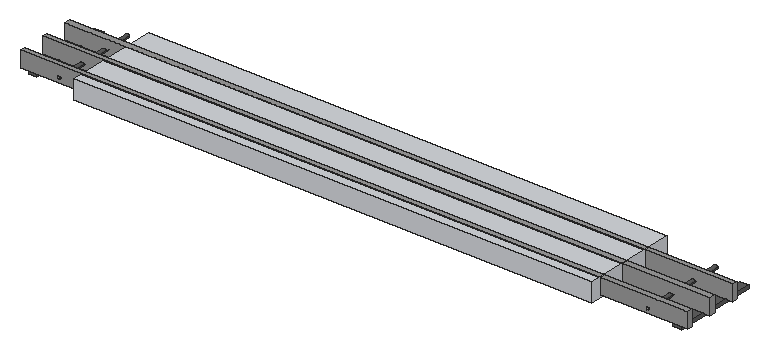
Revit family "1213-3, Solid", category Generic Models, host Face, Revit 2020
Family settings
  Host = Face
  Can host rebar = No
  Round Connector Dimension = Use Diameter
  Part Type = Normal
  Cut with Voids When Loaded = No
  Shared = No
  Room Calculation Point = No
Parameters
  min_value [instance] = 1' - 11 1/4"  # constant formula
  max_value [instance] = 11' - 11 1/4"  # constant formula
  actual_value [instance] = if(NET LENGTH < min_value, min_value, if(NET LENGTH > max_value, max_value, NET LENGTH))  # 7' - 11 1/4"
  NET LENGTH [instance] = 7' - 11 1/4"
  IMPORTANT NOTE!!!                                                                             *Backer & dowel layout is for visualization purposes only, final layout to be determined by 9Wood. [instance] = ""
  Default Elevation = 4' - 0"
  DOWEL RADIUS [instance] = 0' - 0 1/4"  # constant formula
  BACKING M MATERIAL [instance] = BLACK-BACKERS
  .. MEMBER WIDTH [instance] = 0' - 0 3/4"  # constant formula
  .. MEMBER MATERIAL [instance] = Solid Western Hemlock
  .. MEMBER DEPTH [instance] = 0' - 2 1/4"  # constant formula
  .. MEMBER COUNT [instance] = 3  # constant formula
Reference planes (in)
  plane 1 "Center (Front/Back)": y = 0
  plane 2: z = 2.726
  plane 3 "Center (Left/Right)": x = 0
Forms (in)
  Extrusion 1, solid
    sketch origin (15, -0.86619, -0.99308) x (0, 1, 0) y (-1, 0, 0)
      loop
        line (3.42869, -23.66817) -> (3.42869, 50.25) -> (-10, 50.25) -> (-10, -23.66817) -> (3.42869, -23.66817)
    from 3.71908 to 1.00111
Dimensions and locks (in)
  aligned and locked: plane 2 to Extrusion 1
Nested families (in)
  nested 1: "1200 Series" at (-44, -2, 1.87867), NET LENGTH <- "actual_value", DOWEL RADII <- "DOWEL RADIUS", .. MEMBER WIDTH <- ".. MEMBER WIDTH", .. MEMBER DEPTH <- ".. MEMBER DEPTH", .. MEMBER MATERIAL <- ".. MEMBER MATERIAL", BACKING M MATERIAL <- "BACKING M MATERIAL", .. MEMBER COUNT <- ".. MEMBER COUNT", type "1200 Series"
    with X 7' - 4", WIDTH 1' - 0 1/16", Space 0' - 0 11/16", START 0' - 0 3/8", SCRIM MATERIAL SCRIM, SCRIM 3 8' - 1", SCRIM 2 0' - 0 7/8", SCRIM 1 0' - 0 3/32", SCRIM yes, NET LENGTH 7' - 11 1/4", N 8, INSET 3 0' - 0 3/16", INSET 0' - 1", INDEX 0' - 5 5/8", END BACKER yes, DOWEL RADII 0' - 0 1/4", DOWEL COUNT 8, BACKING M WIDTH 0' - 1 1/4", BACKING M MATERIAL BLACK-BACKERS, BACKING M LENGTH 0' - 11 7/8", BACKING M DEPTH 0' - 0 1/2", .. MEMBER WIDTH 0' - 0 3/4", .. MEMBER OC TYP 0' - 4", .. MEMBER MATERIAL Solid Western Hemlock, .. MEMBER DEPTH 0' - 2 1/4", .. MEMBER COUNT 3
Definition of nested family "1200 Series"
  Parameters (values of type "1200 Series")
    X [instance] = NET LENGTH - (0' 3 5/8" * 2)  # 6' - 2"
    WIDTH [instance] = 1' - 0 1/16"
    Space [instance] = 0' - 0 11/16"  # constant formula
    START [instance] = .. MEMBER WIDTH / 2  # 0' - 0 3/8"
    SCRIM MATERIAL [instance] = none
    SCRIM 3 [instance] = NET LENGTH + (SCRIM 2 * 2)  # 6' - 11"
    SCRIM 2 [instance] = 0' - 0 7/8"
    SCRIM 1 [instance] = 0' - 0 3/32"
    SCRIM [instance] = yes
    NET LENGTH [instance] = 6' - 9 1/4"
    N [instance] = if((X - (rounddown(X / 1' 0") * 1' 0")) > 1' 0", rounddown(X / 1' 0") + 2, rounddown(X / 1' 0") + 1)  # 7
    INSET 3 [instance] = 0' - 0 3/16"
    INSET [instance] = 0' - 1"
    INDEX [instance] = (NET LENGTH - ((N - 1) * 1' 0")) / 2  # 0' - 4 5/8"
    END BACKER [instance] = yes
    Default Elevation = 0' - 0"
    DOWEL RADII [instance] = 0' - 0 1/4"
    DOWEL COUNT [instance] = N  # 7
    BACKING M WIDTH [instance] = 0' - 1 1/4"
    BACKING M MATERIAL [instance] = none
    BACKING M LENGTH [instance] = 0' - 11 7/8"
    BACKING M DEPTH [instance] = 0' - 0 1/2"
    .. MEMBER WIDTH [instance] = 0' - 0 3/4"
    .. MEMBER OC TYP [instance] = 1' 0" / .. MEMBER COUNT  # 0' - 3"
    .. MEMBER MATERIAL [instance] = none
    .. MEMBER DEPTH [instance] = 0' - 1 3/8"
    .. MEMBER COUNT [instance] = 4
  Reference planes (in)
    plane 1 "Center (Front/Back)": y = -7.5
    plane 2: z = 0
    plane 3 "Center (Left/Right)": x = 0
    plane 4: x = 1
    plane 5: x = 4.625
    plane 6: x = 81.25
    plane 7: x = 80.25
    plane 8: x = 16.625
    plane 9: y = -7.3125
    plane 10: y = -4.125
    plane 11: y = -7.125
    plane 12: y = 4.5625
    plane 13: y = -4.5
    plane 14: y = -7.59375
    plane 15: x = 82.125
    plane 16: y = 4.65625
    plane 17: x = -0.875
    plane 18: z = -1.375
    plane 19: z = -0.6875
  Lines and regions (in)
    model lines
      curve 1: line (4.375, -7.5, -0.6875) -> (4.875, -7.5, -0.6875)
    model lines, not visible
      curve 2: line (4.625, -7.5, -0.9375) -> (4.625, -7.5, -0.4375)
      curve 3: line (4.375, -7.5, -0.6875) -> (4.875, -7.5, -0.6875)
      curve 4: line (16.625, -7.5, -0.9375) -> (16.625, -7.5, -0.4375)
      curve 5: line (16.375, -7.5, -0.6875) -> (16.875, -7.5, -0.6875)
      curve 6: line (28.625, -7.5, -0.9375) -> (28.625, -7.5, -0.4375)
      curve 7: line (28.375, -7.5, -0.6875) -> (28.875, -7.5, -0.6875)
      curve 8: line (40.625, -7.5, -0.9375) -> (40.625, -7.5, -0.4375)
      curve 9: line (40.375, -7.5, -0.6875) -> (40.875, -7.5, -0.6875)
      curve 10: line (52.625, -7.5, -0.9375) -> (52.625, -7.5, -0.4375)
      curve 11: line (52.375, -7.5, -0.6875) -> (52.875, -7.5, -0.6875)
      curve 12: line (64.625, -7.5, -0.9375) -> (64.625, -7.5, -0.4375)
      curve 13: line (64.375, -7.5, -0.6875) -> (64.875, -7.5, -0.6875)
      curve 14: line (76.625, -7.5, -0.9375) -> (76.625, -7.5, -0.4375)
      curve 15: line (76.375, -7.5, -0.6875) -> (76.875, -7.5, -0.6875)
  Dimensions and locks (in)
    "NET LENGTH": plane 3 "Center (Left/Right)" to plane 6
    "INSET": plane 7 to plane 6
    "INDEX": plane 3 "Center (Left/Right)" to plane 5
    plane 5 to plane 8 = 1' - 0"
    "INSET 3": plane 1 "Center (Front/Back)" to plane 9
    equal spacing: group 1, group 2, group 3, group 4  (x3)
    "START": plane 11 to plane 1 "Center (Front/Back)"
    ".. MEMBER OC TYP": plane 10 to plane 11
    "WIDTH": plane 12 to plane 1 "Center (Front/Back)"
    "START": plane 10 to plane 13
    "SCRIM 1": plane 14 to plane 1 "Center (Front/Back)"
    "SCRIM 2": plane 6 to plane 15
    "SCRIM 1": plane 12 to plane 16
    "SCRIM 2": plane 17 to plane 3 "Center (Left/Right)"
    "INSET": plane 3 "Center (Left/Right)" to plane 4
    equal spacing: group 5, group 6, group 7, group 8, group 9, group 10, group 11  (x3)
    "Space": plane 19 to plane 18
    aligned and locked: level to plane 2
    aligned and locked: nested 1 to plane 4  (x2)
    aligned and locked: plane 7 to nested 2
    aligned and locked: plane 5 to nested 3
    aligned and locked: nested 1 to plane 9
    aligned and locked: plane 1 "Center (Front/Back)" to nested 4
    aligned and locked: plane 9 to nested 2
    aligned and locked: plane 13 to nested 5
    aligned and locked: nested 3 to plane 9
    aligned and locked: plane 18 to nested 1
    aligned and locked: plane 19 to nested 3
    aligned and locked: curve 1 to plane 19
    aligned and locked: plane 8 to curve 4
    aligned and locked: curve 5 to plane 19
    aligned and locked: nested 4 to plane 18
  Automatic sketch dimensions
    curve 1 to curve 1 = 0' - 0 1/2"
    curve 1 to plane 5 = 0' - 0 1/4"
    plane 5 to curve 1 = 0' - 0 1/4"
    curve 3 to curve 2 = 0' - 0 1/4"  (x2)
    curve 2 to curve 3 = 0' - 0 1/4"  (x2)
    curve 5 to curve 4 = 0' - 0 1/4"  (x2)
    curve 4 to curve 5 = 0' - 0 1/4"  (x2)
    curve 7 to curve 6 = 0' - 0 1/4"  (x2)
    curve 6 to curve 7 = 0' - 0 1/4"  (x2)
    curve 9 to curve 8 = 0' - 0 1/4"  (x2)
    curve 8 to curve 9 = 0' - 0 1/4"  (x2)
    curve 11 to curve 10 = 0' - 0 1/4"  (x2)
    curve 10 to curve 11 = 0' - 0 1/4"  (x2)
    curve 13 to curve 12 = 0' - 0 1/4"  (x2)
    curve 12 to curve 13 = 0' - 0 1/4"  (x2)
    curve 15 to curve 14 = 0' - 0 1/4"  (x2)
    curve 14 to curve 15 = 0' - 0 1/4"  (x2)
  Nested families (in)
    nested 1: "INSTANCE - 2ND -  EXTEND SIDE H CENTER W - Parametric Cube" at (1, -1.375, -1.375) x (0, -1, 0) z (0, 0, 1), Width <- "BACKING M LENGTH", Length <- "BACKING M WIDTH", Material <- "BACKING M MATERIAL", Height <- "BACKING M DEPTH", visible <- "END BACKER", type "INSTANCE - 2ND -  EXTEND SIDE H CENTER W - Parametric Cube"
      with Width 0' - 11 7/8", Material none, Length 0' - 1 1/4", Height 0' - 0 1/2"
    nested 2: "INSTANCE - 2ND -  EXTEND SIDE H CENTER W - Parametric Cube" at (80.25, -1.375, -1.375) x (0, -1, 0) z (0, 0, 1), Width <- "BACKING M LENGTH", Length <- "BACKING M WIDTH", Material <- "BACKING M MATERIAL", Height <- "BACKING M DEPTH", visible <- "END BACKER", type "INSTANCE - 2ND -  EXTEND SIDE H CENTER W - Parametric Cube"
      with Width 0' - 11 7/8", Material none, Length 0' - 1 1/4", Height 0' - 0 1/2"
    nested 3: "Family3" at (-5.375, -7.3125, -0.6875), DOWEL RADII <- "DOWEL RADII", BACKING MEM MATERIAL <- "BACKING M MATERIAL", type "Family3"
      with DOWEL RADII 0' - 0 1/4", DOWEL LENGTH 0' - 11 7/8", BACKING MEM MATERIAL none
    nested 4: "HOLED MEMBER" at (0, -18.75, 6.19404), DOWEL RADII <- "DOWEL RADII", .. MEMBER LENGTH <- "NET LENGTH", DOWEL COUNT <- "DOWEL COUNT", DEPTH <- ".. MEMBER DEPTH", .. MEMBER WIDTH <- ".. MEMBER WIDTH", Material <- ".. MEMBER MATERIAL", DOWEL INDEX <- "INDEX", Space 2 <- "Space", type "HOLED MEMBER"
      with Width 0' - 6", Space 2 0' - 0 11/16", Material none, Length 1' - 0", Height 0' - 10.43096", DOWEL RADII 0' - 0 1/4", DOWEL OC DIST 1' - 0", DOWEL INDEX 0' - 4 5/8", DOWEL COUNT 7, DEPTH 0' - 1 3/8", .. MEMBER WIDTH 0' - 0 3/4", .. MEMBER LENGTH 6' - 9 1/4"
    nested 5: "HOLED MEMBER" at (0, -15.75, 6.19404), DOWEL RADII <- "DOWEL RADII", .. MEMBER LENGTH <- "NET LENGTH", DOWEL COUNT <- "DOWEL COUNT", DEPTH <- ".. MEMBER DEPTH", .. MEMBER WIDTH <- ".. MEMBER WIDTH", Material <- ".. MEMBER MATERIAL", DOWEL INDEX <- "INDEX", Space 2 <- "Space", type "HOLED MEMBER"
      with Width 0' - 6", Space 2 0' - 0 11/16", Material none, Length 1' - 0", Height 0' - 10.43096", DOWEL RADII 0' - 0 1/4", DOWEL OC DIST 1' - 0", DOWEL INDEX 0' - 4 5/8", DOWEL COUNT 7, DEPTH 0' - 1 3/8", .. MEMBER WIDTH 0' - 0 3/4", .. MEMBER LENGTH 6' - 9 1/4"
    nested 6: "HOLED MEMBER" at (0, -12.75, 6.19404), DOWEL RADII <- "DOWEL RADII", .. MEMBER LENGTH <- "NET LENGTH", DOWEL COUNT <- "DOWEL COUNT", DEPTH <- ".. MEMBER DEPTH", .. MEMBER WIDTH <- ".. MEMBER WIDTH", Material <- ".. MEMBER MATERIAL", DOWEL INDEX <- "INDEX", Space 2 <- "Space", type "HOLED MEMBER"
      with Width 0' - 6", Space 2 0' - 0 11/16", Material none, Length 1' - 0", Height 0' - 10.43096", DOWEL RADII 0' - 0 1/4", DOWEL OC DIST 1' - 0", DOWEL INDEX 0' - 4 5/8", DOWEL COUNT 7, DEPTH 0' - 1 3/8", .. MEMBER WIDTH 0' - 0 3/4", .. MEMBER LENGTH 6' - 9 1/4"
    nested 7: "HOLED MEMBER" at (0, -9.75, 6.19404), DOWEL RADII <- "DOWEL RADII", .. MEMBER LENGTH <- "NET LENGTH", DOWEL COUNT <- "DOWEL COUNT", DEPTH <- ".. MEMBER DEPTH", .. MEMBER WIDTH <- ".. MEMBER WIDTH", Material <- ".. MEMBER MATERIAL", DOWEL INDEX <- "INDEX", Space 2 <- "Space", type "HOLED MEMBER"
      with Width 0' - 6", Space 2 0' - 0 11/16", Material none, Length 1' - 0", Height 0' - 10.43096", DOWEL RADII 0' - 0 1/4", DOWEL OC DIST 1' - 0", DOWEL INDEX 0' - 4 5/8", DOWEL COUNT 7, DEPTH 0' - 1 3/8", .. MEMBER WIDTH 0' - 0 3/4", .. MEMBER LENGTH 6' - 9 1/4"
    nested 8: "Family3" at (6.625, -7.3125, -0.6875), DOWEL RADII <- "DOWEL RADII", BACKING MEM MATERIAL <- "BACKING M MATERIAL", type "Family3"
      with DOWEL RADII 0' - 0 1/4", DOWEL LENGTH 0' - 11 7/8", BACKING MEM MATERIAL none
    nested 9: "Family3" at (18.625, -7.3125, -0.6875), DOWEL RADII <- "DOWEL RADII", BACKING MEM MATERIAL <- "BACKING M MATERIAL", type "Family3"
      with DOWEL RADII 0' - 0 1/4", DOWEL LENGTH 0' - 11 7/8", BACKING MEM MATERIAL none
    nested 10: "Family3" at (30.625, -7.3125, -0.6875), DOWEL RADII <- "DOWEL RADII", BACKING MEM MATERIAL <- "BACKING M MATERIAL", type "Family3"
      with DOWEL RADII 0' - 0 1/4", DOWEL LENGTH 0' - 11 7/8", BACKING MEM MATERIAL none
    nested 11: "Family3" at (42.625, -7.3125, -0.6875), DOWEL RADII <- "DOWEL RADII", BACKING MEM MATERIAL <- "BACKING M MATERIAL", type "Family3"
      with DOWEL RADII 0' - 0 1/4", DOWEL LENGTH 0' - 11 7/8", BACKING MEM MATERIAL none
    nested 12: "Family3" at (54.625, -7.3125, -0.6875), DOWEL RADII <- "DOWEL RADII", BACKING MEM MATERIAL <- "BACKING M MATERIAL", type "Family3"
      with DOWEL RADII 0' - 0 1/4", DOWEL LENGTH 0' - 11 7/8", BACKING MEM MATERIAL none
    nested 13: "Family3" at (66.625, -7.3125, -0.6875), DOWEL RADII <- "DOWEL RADII", BACKING MEM MATERIAL <- "BACKING M MATERIAL", type "Family3"
      with DOWEL RADII 0' - 0 1/4", DOWEL LENGTH 0' - 11 7/8", BACKING MEM MATERIAL none
  Definition of nested family "INSTANCE - 2ND -  EXTEND SIDE H CENTER W - Parametric Cube"
    Parameters (values of type "INSTANCE - 2ND -  EXTEND SIDE H CENTER W - Parametric Cube")
      Width [instance] = 0' - 6"
      Material [instance] = none
      Length [instance] = 1' - 0"
      Height [instance] = 1' - 6"
      Default Elevation = 0' - 0"
    Reference planes (in)
      plane 1 "Center (Front/Back)": y = 0
      plane 2: z = 0
      plane 3 "Center (Left/Right)": x = 0
      plane 4: x = -3
      plane 5: x = 3
      plane 6: y = 12
      plane 7: z = -18
    Forms (in)
      Extrusion 1, solid, material <- "Material"
        sketch origin (0, 6, 0) x (1, 0, 0) y (0, 1, 0)
          loop
            line (-3, 6) -> (-3, -6) -> (3, -6) -> (3, 6) -> (-3, 6)
        from -18 to 0
    Dimensions and locks (in)
      equal spacing: plane 4, plane 3 "Center (Left/Right)", plane 5
      "Width": plane 4 to plane 5
      "Height": plane 7 to level
      "Length": plane 1 "Center (Front/Back)" to plane 6
      aligned and locked: plane 2 to level
      aligned and locked: plane 4 to Extrusion 1 sketch curve
      aligned and locked: Extrusion 1 sketch curve to plane 5
      aligned and locked: Extrusion 1 to plane 7
      aligned and locked: plane 6 to Extrusion 1
    Automatic sketch dimensions
      plane 1 "Center (Front/Back)" to Extrusion 1 sketch curve = 0' - 0"
      plane 6 to Extrusion 1 sketch curve = 0' - 0"
  Definition of nested family "Family3"
    Parameters (values of type "Family3")
      Default Elevation = 0' - 0"
      DOWEL RADII [instance] = 0' - 0 5/8"
      DOWEL LENGTH [instance] = 0' - 5"
      BACKING MEM MATERIAL [instance] = none
    Reference planes (in)
      plane 1 "Center (Front/Back)": y = 0
      plane 2: z = 0
      plane 3 "Center (Left/Right)": x = 0
      plane 4: y = 5
    Forms (in)
      Extrusion 1, solid, material <- "BACKING MEM MATERIAL"
        sketch origin (10, 0, 0) x (1, 0, 0) y (0, 0, 1)
          loop
            circle (0, 0) r 0.625
        from 0 to -5
      Extrusion 2, solid, not visible
        sketch origin (0, 0, 0) x (1, 0, 0) y (0, 0, 1)
          loop
            circle (0, 0) r 0.625
        from 0 to 12
      Extrusion 3, solid, not visible
        sketch origin (10, 0, 0) x (1, 0, 0) y (0, 0, 1)
          loop
            circle (0, 0) r 0.625
        from 0 to 2.5
      Extrusion 4, solid, not visible
        sketch origin (10, 0, 0) x (1, 0, 0) y (0, 0, 1)
          loop
            circle (0, 0) r 0.625
        from 0 to -12
    Lines and regions (in)
      model lines, not visible
        curve 1: line (-13, 0, 0) -> (-13, -12, 0)
        curve 2: line (13, 0, 0) -> (13, -12, 0)
        curve 3: line (9.89453, 0, 0) -> (10.08794, 0, 0)
        curve 4: line (9.89453, -2.5, 0) -> (10.08794, -2.5, 0)
        curve 6: line (10, 0, 0) -> (10, 2, 0)
      model lines
        curve 5: line (10, 0, 0) -> (10, 2, 0)
    Dimensions and locks (in)
      "DOWEL LENGTH": plane 1 "Center (Front/Back)" to plane 4
      "DOWEL RADII": radius of Extrusion 1 sketch curve
      "DOWEL RADII": radius of Extrusion 2 sketch curve
      "DOWEL RADII": radius of Extrusion 3 sketch curve
      "DOWEL RADII": radius of Extrusion 4 sketch curve
      "DOWEL RADII": radius of Extrusion 1
      aligned and locked: plane 2 to level
      aligned and locked: Extrusion 1 to plane 1 "Center (Front/Back)"  (x3)
      aligned and locked: plane 1 "Center (Front/Back)" to Extrusion 1
      aligned and locked: plane 4 to Extrusion 1
    Automatic sketch dimensions
      plane 1 "Center (Front/Back)" to curve 5 = 0' - 0"
      curve 5 to plane 1 "Center (Front/Back)" = 0' - 2"
      plane 3 "Center (Left/Right)" to curve 5 = 0' - 10"
      Extrusion 1 sketch curve to level = 0' - 0"
      plane 3 "Center (Left/Right)" to Extrusion 1 sketch curve = 0' - 10"
  Definition of nested family "HOLED MEMBER"
    Parameters (values of type "HOLED MEMBER")
      Width [instance] = 0' - 6"
      Space 2 [instance] = 0' - 0 5/8"
      Space = 0' - 0 5/8"
      Material [instance] = none
      Length [instance] = 1' - 0"
      Height [instance] = 0' - 10.43096"
      Default Elevation = 0' - 0"
      DOWEL RADII [instance] = 0' - 0.34537"
      DOWEL OC DIST [instance] = 1' - 0"
      DOWEL INSET = 0' - 0 5/8"
      DOWEL INDEX [instance] = 0' - 5 5/8"
      DOWEL COUNT [instance] = 6
      DEPTH [instance] = 0' - 2"
      .. MEMBER WIDTH [instance] = 0' - 0 5/8"
      .. MEMBER LENGTH [instance] = 5' - 11 3/4"
    Reference planes (in)
      plane 1 "Center (Front/Back)": y = 12
      plane 2: z = -7.56904
      plane 3 "Center (Left/Right)": x = 0
      plane 4: x = 5.625
      plane 5: x = 17.625
      plane 6: y = 11.375
      plane 7: x = 71.75
      plane 8: z = -6.94404
      plane 9: z = -5.56904
    Forms (in)
      Extrusion 1, solid, material <- "Material"
        sketch origin (0, 12, -13.56904) x (1, 0, 0) y (0, 0, 1)
          loop
            line (0, 6) -> (71.75, 6) -> (71.75, 8) -> (0, 8) -> (0, 6)
        from 0.625 to 0
      Extrusion 2, void
        sketch origin (0, 12, -18.31904) x (1, 0, 0) y (0, 0, 1)
          loop
            circle (5.625, 11.375) r 0.34537
        from 0 to 12
      Extrusion 3, void, not visible
        sketch origin (0, 1.25, 0) x (1, 0, 0) y (0, 1, 0)
          loop
            circle (5.625, 11.375) r 0.34537
        from 0 to 12
      Extrusion 4, void, not visible
        sketch origin (0, 1.25, 0) x (1, 0, 0) y (0, 1, 0)
          loop
            circle (5.625, 11.375) r 0.34537
        from 0 to 12
      Extrusion 5, void, not visible
        sketch origin (12, 1.25, 0) x (1, 0, 0) y (0, 1, 0)
          loop
            circle (5.625, 11.375) r 0.34537
        from 0 to 12
      Extrusion 6, void, not visible
        sketch origin (0, 12, -16.31904) x (1, 0, 0) y (0, 0, 1)
          loop
            circle (5.625, 11.375) r 0.34537
        from 0 to 12
      Extrusion 7, void, not visible
        sketch origin (12, 12, -16.31904) x (1, 0, 0) y (0, 0, 1)
          loop
            circle (5.625, 11.375) r 0.34537
        from 0 to 12
      Extrusion 8, void, not visible
        sketch origin (0, 12, -18.31904) x (1, 0, 0) y (0, 0, 1)
          loop
            circle (5.625, 11.375) r 0.34537
        from 0 to 12
      Extrusion 9, void
        sketch origin (12, 12, -18.31904) x (1, 0, 0) y (0, 0, 1)
          loop
            circle (5.625, 11.375) r 0.34537
        from 0 to 12
      Extrusion 10, void, not visible
        sketch origin (24, 12, -16.31904) x (1, 0, 0) y (0, 0, 1)
          loop
            circle (5.625, 11.375) r 0.34537
        from 0 to 12
      Extrusion 11, void, not visible
        sketch origin (36, 12, -16.31904) x (1, 0, 0) y (0, 0, 1)
          loop
            circle (5.625, 11.375) r 0.34537
        from 0 to 12
      Extrusion 12, void, not visible
        sketch origin (48, 12, -16.31904) x (1, 0, 0) y (0, 0, 1)
          loop
            circle (5.625, 11.375) r 0.34537
        from 0 to 12
      Extrusion 13, void, not visible
        sketch origin (60, 12, -16.31904) x (1, 0, 0) y (0, 0, 1)
          loop
            circle (5.625, 11.375) r 0.34537
        from 0 to 12
      Extrusion 14, void, not visible
        sketch origin (24, 1.25, 0) x (1, 0, 0) y (0, 1, 0)
          loop
            circle (5.625, 11.375) r 0.34537
        from 0 to 12
      Extrusion 15, void, not visible
        sketch origin (36, 1.25, 0) x (1, 0, 0) y (0, 1, 0)
          loop
            circle (5.625, 11.375) r 0.34537
        from 0 to 12
      Extrusion 16, void, not visible
        sketch origin (48, 1.25, 0) x (1, 0, 0) y (0, 1, 0)
          loop
            circle (5.625, 11.375) r 0.34537
        from 0 to 12
      Extrusion 17, void, not visible
        sketch origin (60, 1.25, 0) x (1, 0, 0) y (0, 1, 0)
          loop
            circle (5.625, 11.375) r 0.34537
        from 0 to 12
      Extrusion 18, void
        sketch origin (24, 12, -18.31904) x (1, 0, 0) y (0, 0, 1)
          loop
            circle (5.625, 11.375) r 0.34537
        from 0 to 12
      Extrusion 19, void
        sketch origin (36, 12, -18.31904) x (1, 0, 0) y (0, 0, 1)
          loop
            circle (5.625, 11.375) r 0.34537
        from 0 to 12
      Extrusion 20, void
        sketch origin (48, 12, -18.31904) x (1, 0, 0) y (0, 0, 1)
          loop
            circle (5.625, 11.375) r 0.34537
        from 0 to 12
      Extrusion 21, void
        sketch origin (60, 12, -18.31904) x (1, 0, 0) y (0, 0, 1)
          loop
            circle (5.625, 11.375) r 0.34537
        from 0 to 12
    Cuts and joins
      Extrusion 2, Extrusion 9, Extrusion 18, Extrusion 19, Extrusion 20, Extrusion 21 cuts Extrusion 1
    Lines and regions (in)
      model lines, not visible
        curve 1: line (5.625, 11.72037, 0) -> (5.625, 11.02963, 0)
        curve 2: line (5.625, 11.72037, 0) -> (5.625, 11.02963, 0)
        curve 3: line (17.625, 11.72037, 0) -> (17.625, 11.02963, 0)
        curve 4: line (5.625, 12, -7.56904) -> (5.625, 11.87317, -7.56904)
        curve 5: line (5.625, 11.87317, -7.56904) -> (5.06195, 11.87317, -7.56904)
        curve 6: line (5.06195, 11.87317, -7.56904) -> (5.27963, 11.375, -7.56904)
        curve 7: line (0, 12, -6.19404) -> (0, 11.61951, -6.19404)
        curve 8: line (0, 11.375, -8.19404) -> (0, 11.6747, -8.19404)
        curve 9: line (5.625, 12, -7.56904) -> (5.625, 11.69863, -7.56904)
        curve 11: line (5.625, 12, 0) -> (5.625, 12, 0.30137)
        curve 12: line (5.625, 12, 0) -> (5.625, 12, 0.30137)
        curve 13: line (17.625, 12, 0) -> (17.625, 12, 0.30137)
        curve 14: line (5.625, 12, -5.56904) -> (5.625, 11.69863, -5.56904)
        curve 15: line (17.625, 12, -5.56904) -> (17.625, 11.69863, -5.56904)
        curve 16: line (5.625, 12, -7.56904) -> (5.625, 11.69863, -7.56904)
        curve 18: line (29.625, 12, -5.56904) -> (29.625, 11.69863, -5.56904)
        curve 19: line (41.625, 12, -5.56904) -> (41.625, 11.69863, -5.56904)
        curve 20: line (53.625, 12, -5.56904) -> (53.625, 11.69863, -5.56904)
        curve 21: line (65.625, 12, -5.56904) -> (65.625, 11.69863, -5.56904)
        curve 22: line (29.625, 11.72037, 0) -> (29.625, 11.02963, 0)
        curve 23: line (29.625, 12, 0) -> (29.625, 12, 0.30137)
        curve 24: line (41.625, 11.72037, 0) -> (41.625, 11.02963, 0)
        curve 25: line (41.625, 12, 0) -> (41.625, 12, 0.30137)
        curve 26: line (53.625, 11.72037, 0) -> (53.625, 11.02963, 0)
        curve 27: line (53.625, 12, 0) -> (53.625, 12, 0.30137)
        curve 28: line (65.625, 11.72037, 0) -> (65.625, 11.02963, 0)
        curve 29: line (65.625, 12, 0) -> (65.625, 12, 0.30137)
        curve 35: line (5.27963, 12.625, 0) -> (5.97037, 12.625, 0)
        curve 36: line (5.27963, 12.625, 0) -> (5.97037, 12.625, 0)
        curve 37: line (17.27963, 12.625, 0) -> (17.97037, 12.625, 0)
        curve 38: line (5.27963, 12, -4.94404) -> (5.97037, 12, -4.94404)
        curve 39: line (17.27963, 12, -4.94404) -> (17.97037, 12, -4.94404)
        curve 40: line (5.27963, 12, -6.94404) -> (5.97037, 12, -6.94404)
        curve 42: line (29.27963, 12, -4.94404) -> (29.97037, 12, -4.94404)
        curve 43: line (41.27963, 12, -4.94404) -> (41.97037, 12, -4.94404)
        curve 44: line (53.27963, 12, -4.94404) -> (53.97037, 12, -4.94404)
        curve 45: line (65.27963, 12, -4.94404) -> (65.97037, 12, -4.94404)
        curve 46: line (29.27963, 12.625, 0) -> (29.97037, 12.625, 0)
        curve 47: line (41.27963, 12.625, 0) -> (41.97037, 12.625, 0)
        curve 48: line (53.27963, 12.625, 0) -> (53.97037, 12.625, 0)
        curve 49: line (65.27963, 12.625, 0) -> (65.97037, 12.625, 0)
        curve 54: line (0, 12, -6.94404) -> (0, 4.22059, -6.94404)
        curve 55: line (0, 12.625, 0) -> (0, 12.625, 7.77941)
        curve 56: line (0, 12.625, 0) -> (0, 12.625, 7.77941)
        curve 57: line (12, 12.625, 0) -> (12, 12.625, 7.77941)
        curve 58: line (0, 12, -4.94404) -> (0, 4.22059, -4.94404)
        curve 59: line (12, 12, -4.94404) -> (12, 4.22059, -4.94404)
        curve 60: line (0, 12, -6.94404) -> (0, 4.22059, -6.94404)
        curve 61: line (12, 12, -6.94404) -> (12, 4.22059, -6.94404)
        curve 62: line (24, 12, -4.94404) -> (24, 4.22059, -4.94404)
        curve 63: line (36, 12, -4.94404) -> (36, 4.22059, -4.94404)
        curve 64: line (48, 12, -4.94404) -> (48, 4.22059, -4.94404)
        curve 65: line (60, 12, -4.94404) -> (60, 4.22059, -4.94404)
        curve 66: line (24, 12.625, 0) -> (24, 12.625, 7.77941)
        curve 67: line (36, 12.625, 0) -> (36, 12.625, 7.77941)
        curve 68: line (48, 12.625, 0) -> (48, 12.625, 7.77941)
        curve 69: line (60, 12.625, 0) -> (60, 12.625, 7.77941)
        curve 70: line (24, 12, -6.94404) -> (24, 4.22059, -6.94404)
        curve 71: line (36, 12, -6.94404) -> (36, 4.22059, -6.94404)
        curve 72: line (48, 12, -6.94404) -> (48, 4.22059, -6.94404)
        curve 73: line (60, 12, -6.94404) -> (60, 4.22059, -6.94404)
      model lines
        curve 10: line (5.625, 12, -7.56904) -> (5.625, 11.69863, -7.56904)
        curve 17: line (17.625, 12, -7.56904) -> (17.625, 11.69863, -7.56904)
        curve 30: line (29.625, 12, -7.56904) -> (29.625, 11.69863, -7.56904)
        curve 31: line (41.625, 12, -7.56904) -> (41.625, 11.69863, -7.56904)
        curve 32: line (53.625, 12, -7.56904) -> (53.625, 11.69863, -7.56904)
        curve 33: line (65.625, 12, -7.56904) -> (65.625, 11.69863, -7.56904)
        curve 34: line (5.27963, 12, -6.94404) -> (5.97037, 12, -6.94404)
        curve 41: line (17.27963, 12, -6.94404) -> (17.97037, 12, -6.94404)
        curve 50: line (29.27963, 12, -6.94404) -> (29.97037, 12, -6.94404)
        curve 51: line (41.27963, 12, -6.94404) -> (41.97037, 12, -6.94404)
        curve 52: line (53.27963, 12, -6.94404) -> (53.97037, 12, -6.94404)
        curve 53: line (65.27963, 12, -6.94404) -> (65.97037, 12, -6.94404)
    Dimensions and locks (in)
      "DOWEL INDEX": plane 3 "Center (Left/Right)" to plane 4
      "DOWEL OC DIST": plane 4 to plane 5
      ".. MEMBER LENGTH": plane 3 "Center (Left/Right)" to plane 7
      equal spacing: group 3, group 4, group 17, group 18, group 19, group 20  (x3)
      equal spacing: group 7, group 8, group 13, group 14, group 15, group 16  (x3)
      equal spacing: group 1, group 12, group 21, group 22, group 23, group 24  (x3)
      ".. MEMBER WIDTH": plane 6 to plane 1 "Center (Front/Back)"
      "DEPTH": plane 9 to level
      "Space 2": plane 8 to level
      "DOWEL RADII": radius of Extrusion 2 sketch curve
      "DOWEL RADII": radius of Extrusion 3 sketch curve
      "DOWEL RADII": radius of Extrusion 4 sketch curve
      "DOWEL RADII": radius of Extrusion 5 sketch curve
      "DOWEL RADII": radius of Extrusion 6 sketch curve
      "DOWEL RADII": radius of Extrusion 7 sketch curve
      "DOWEL RADII": radius of Extrusion 8 sketch curve
      "DOWEL RADII": radius of Extrusion 9 sketch curve
      "DOWEL RADII": radius of Extrusion 10 sketch curve
      "DOWEL RADII": radius of Extrusion 11 sketch curve
      "DOWEL RADII": radius of Extrusion 12 sketch curve
      "DOWEL RADII": radius of Extrusion 13 sketch curve
      "DOWEL RADII": radius of Extrusion 14 sketch curve
      "DOWEL RADII": radius of Extrusion 15 sketch curve
      "DOWEL RADII": radius of Extrusion 16 sketch curve
      "DOWEL RADII": radius of Extrusion 17 sketch curve
      "DOWEL RADII": radius of Extrusion 18 sketch curve
      "DOWEL RADII": radius of Extrusion 19 sketch curve
      "DOWEL RADII": radius of Extrusion 20 sketch curve
      "DOWEL RADII": radius of Extrusion 21 sketch curve
      aligned and locked: level to plane 2
      aligned and locked: Extrusion 1 to plane 3 "Center (Left/Right)"  (x2)
      aligned and locked: plane 7 to cut or joined group of Extrusion 1, Extrusion 2, Extrusion 9, Extrusion 18, Extrusion 19, Extrusion 20, Extrusion 21  (x2)
      aligned and locked: cut or joined group of Extrusion 1, Extrusion 2, Extrusion 9, Extrusion 18, Extrusion 19, Extrusion 20, Extrusion 21 to plane 1 "Center (Front/Back)"  (x2)
      aligned and locked: cut or joined group of Extrusion 1, Extrusion 2, Extrusion 9, Extrusion 18, Extrusion 19, Extrusion 20, Extrusion 21 to plane 6  (x2)
      aligned and locked: plane 4 to curve 10
      aligned and locked: plane 5 to curve 17
      aligned and locked: plane 9 to cut or joined group of Extrusion 1, Extrusion 2, Extrusion 9, Extrusion 18, Extrusion 19, Extrusion 20, Extrusion 21  (x2)
      aligned and locked: cut or joined group of Extrusion 1, Extrusion 2, Extrusion 9, Extrusion 18, Extrusion 19, Extrusion 20, Extrusion 21 to level
      aligned and locked: plane 8 to Extrusion 2
      aligned and locked: curve 34 to plane 8
      aligned and locked: curve 41 to plane 8
      aligned and locked: level to curve 10
      aligned and locked: curve 10 to level
      aligned and locked: plane 8 to cut or joined group of Extrusion 1, Extrusion 2, Extrusion 9, Extrusion 18, Extrusion 19, Extrusion 20, Extrusion 21
      aligned and locked: curve 54 to plane 8
    Automatic sketch dimensions
      curve 1 to curve 1 = 0' - 0.69074"
      curve 2 to curve 2 = 0' - 0.69074"
      curve 3 to curve 3 = 0' - 0.69074"
      Extrusion 1 sketch curve to plane 3 "Center (Left/Right)" = 0' - 0"
      Extrusion 1 sketch curve to plane 7 = 0' - 0"
      Extrusion 1 sketch curve to Extrusion 1 sketch curve = 0' - 2"
      level to Extrusion 1 sketch curve = 0' - 0"
      curve 9 to curve 9 = 0' - 0.30137"
      curve 10 to curve 10 = 0' - 0.30137"
      curve 11 to curve 11 = 0' - 0.30137"
      curve 12 to curve 12 = 0' - 0.30137"
      curve 13 to curve 13 = 0' - 0.30137"
      curve 14 to curve 14 = 0' - 0.30137"
      curve 15 to curve 15 = 0' - 0.30137"
      curve 16 to curve 16 = 0' - 0.30137"
      curve 17 to curve 17 = 0' - 0.30137"
      curve 18 to curve 18 = 0' - 0.30137"
      curve 19 to curve 19 = 0' - 0.30137"
      curve 20 to curve 20 = 0' - 0.30137"
      curve 21 to curve 21 = 0' - 0.30137"
      curve 22 to curve 22 = 0' - 0.69074"
      curve 23 to curve 23 = 0' - 0.30137"
      curve 24 to curve 24 = 0' - 0.69074"
      curve 25 to curve 25 = 0' - 0.30137"
      curve 26 to curve 26 = 0' - 0.69074"
      curve 27 to curve 27 = 0' - 0.30137"
      curve 28 to curve 28 = 0' - 0.69074"
      curve 29 to curve 29 = 0' - 0.30137"
      curve 30 to curve 30 = 0' - 0.30137"
      curve 31 to curve 31 = 0' - 0.30137"
      curve 32 to curve 32 = 0' - 0.30137"
      curve 33 to curve 33 = 0' - 0.30137"
      curve 34 to curve 34 = 0' - 0.69074"
      curve 35 to curve 35 = 0' - 0.69074"
      curve 36 to curve 36 = 0' - 0.69074"
      curve 37 to curve 37 = 0' - 0.69074"
      curve 38 to curve 38 = 0' - 0.69074"
      curve 39 to curve 39 = 0' - 0.69074"
      curve 40 to curve 40 = 0' - 0.69074"
      curve 41 to curve 41 = 0' - 0.69074"
      curve 42 to curve 42 = 0' - 0.69074"
      curve 43 to curve 43 = 0' - 0.69074"
      curve 44 to curve 44 = 0' - 0.69074"
      curve 45 to curve 45 = 0' - 0.69074"
      curve 46 to curve 46 = 0' - 0.69074"
      curve 47 to curve 47 = 0' - 0.69074"
      curve 48 to curve 48 = 0' - 0.69074"
      curve 49 to curve 49 = 0' - 0.69074"
      curve 50 to curve 50 = 0' - 0.69074"
      curve 51 to curve 51 = 0' - 0.69074"
      curve 52 to curve 52 = 0' - 0.69074"
      curve 53 to curve 53 = 0' - 0.69074"
      curve 54 to curve 54 = 0' - 7.77941"
      curve 55 to curve 55 = 0' - 7.77941"
      curve 56 to curve 56 = 0' - 7.77941"
      curve 57 to curve 57 = 0' - 7.77941"
      curve 58 to curve 58 = 0' - 7.77941"
      curve 59 to curve 59 = 0' - 7.77941"
      curve 60 to curve 60 = 0' - 7.77941"
      curve 61 to curve 61 = 0' - 7.77941"
      curve 62 to curve 62 = 0' - 7.77941"
      curve 63 to curve 63 = 0' - 7.77941"
      curve 64 to curve 64 = 0' - 7.77941"
      curve 65 to curve 65 = 0' - 7.77941"
      curve 66 to curve 66 = 0' - 7.77941"
      curve 67 to curve 67 = 0' - 7.77941"
      curve 68 to curve 68 = 0' - 7.77941"
      curve 69 to curve 69 = 0' - 7.77941"
      curve 70 to curve 70 = 0' - 7.77941"
      curve 71 to curve 71 = 0' - 7.77941"
      curve 72 to curve 72 = 0' - 7.77941"
      curve 73 to curve 73 = 0' - 7.77941"
